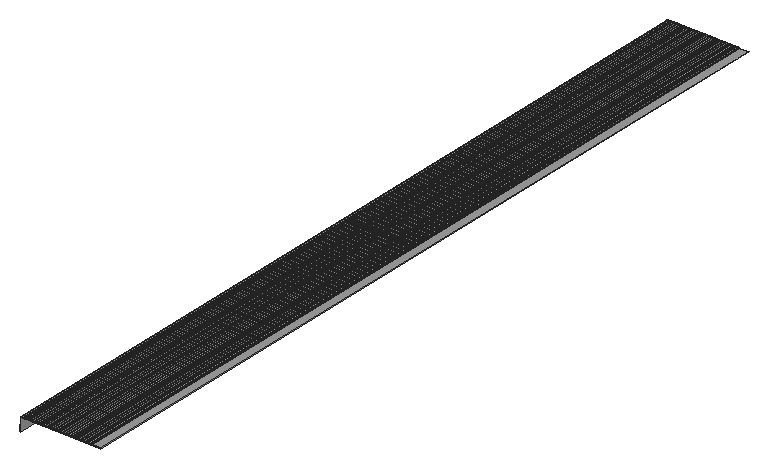
Revit family "111213010058734", category Modelos genéricos, Revit 2018
Family settings
  Puede alojar armadura = No
  Cota de conector redondo = Diámetro de uso
  Tipo de pieza = Normal
  Se basa en plano de trabajo = No
  Siempre vertical = No
  Corte con vacíos al cargar = No
  Compartido = No
  Punto de cálculo de habitación = No
Parameters (values of type "GRADA NEO PVC 300X50MM GRIS TIRA 3.00")
  Ventajas = "Autoextinguible"
  Uso = "Fabricado en PVC, ideal para zonas de medio y alto trafico, con estrías\r\nantideslizantes. Ideal para: Edificios Públicos y Privados, Colegios, Universidades, Centros\r\ncomerciales, Aeropuertos, Hoteles, Edificios Habitacionales, entre otros."
  Unidad = "Tiras de 1.20 Mts y 3.00 Mts."
  URL = "https://www.empresascnp.cl/"
  Num SKUs = "111213010058734"
  Nombre SKU = "GRADA NEO PVC 300X50MM GRIS TIRA 3MT"
  Modelo = "GRADA NEO PVC 300X50MM"
  Material = PVC flexible gris
  Url Ficha tecnica = "https://empresascnp.cl/wp-content/uploads//pdf/ficha-tecnica-grada-neo-pvc-300x50mm-gris-tira-1-2mt.pdf"
  Largo = 3000.00 mm
  Espesor = 2.00 mm
  Empresa = "CNP SPA."
  Dureza = "80 shore A"
  Dimension = 300.00 mm
  Descripción = "Grada Neo 300x50 MM."
  Contacto = "info@empresascnp.cl"
  Color = "GRIS"
  Aplicacion = "Escaleras"
  Alto = 50.00 mm
Reference planes
  plane 1 "Center F/B": y = 0
  plane 2: z = 0
  plane 3 "Center L/R": x = 0
  plane 4: z = -50
  plane 5 "2": y = 1500
  plane 6 "3": y = -1500
  plane 7: x = 300
  plane 8: z = -2
  plane 9 "4": x = 2
Forms (mm)
  Extrusion 1, solid, material "PVC flexible gris" <- "Material"
    sketch origin (0, 0, 0) x (1, 0, 0) y (0, 0, 1)
      loop
        line (300, 0) -> (270, 0) -> (270, -0.79) -> (266, -0.79) -> (266, 0) -> (264, 0) -> (264, -0.79) -> (263, -0.79) -> (263, 0) -> (261, 0) -> (261, -0.79) -> (260, -0.79) -> (260, 0) -> (258, 0) -> (258, -0.79) -> (257, -0.79) -> (257, 0) -> (255, 0) -> (255, -0.79) -> (251, -0.79) -> (251, 0) -> (249, 0) -> (249, -0.79) -> (248, -0.79) -> (248, 0) -> (246, 0) -> (246, -0.79) -> (245, -0.79) -> (245, 0) -> (243, 0) -> (243, -0.79) -> (242, -0.79) -> (242, 0) -> (240, 0) -> (240, -0.79) -> (236, -0.79) -> (236, 0) -> (234, 0) -> (234, -0.79) -> (233, -0.79) -> (233, 0) -> (231, 0) -> (231, -0.79) -> (230, -0.79) -> (230, 0) -> (228, 0) -> (228, -0.79) -> (227, -0.79) -> (227, 0) -> (225, 0) -> (225, -0.79) -> (221, -0.79) -> (221, 0) -> (219, 0) -> (219, -0.79) -> (218, -0.79) -> (218, 0) -> (216, 0) -> (216, -0.79) -> (215, -0.79) -> (215, 0) -> (213, 0) -> (213, -0.79) -> (212, -0.79) -> (212, 0) -> (210, 0) -> (210, -0.79) -> (206, -0.79) -> (206, 0) -> (204, 0) -> (204, -0.79) -> (203, -0.79) -> (203, 0) -> (201, 0) -> (201, -0.79) -> (200, -0.79) -> (200, 0) -> (198, 0) -> (198, -0.79) -> (197, -0.79) -> (197, 0) -> (195, 0) -> (195, -0.79) -> (191, -0.79) -> (191, 0) -> (189, 0) -> (189, -0.79) -> (188, -0.79) -> (188, 0) -> (186, 0) -> (186, -0.79) -> (185, -0.79) -> (185, 0) -> (183, 0) -> (183, -0.79) -> (182, -0.79) -> (182, 0) -> (180, 0) -> (180, -0.79) -> (176, -0.79) -> (176, 0) -> (174, 0) -> (174, -0.79) -> (173, -0.79) -> (173, 0) -> (171, 0) -> (171, -0.79) -> (170, -0.79) -> (170, 0) -> (168, 0) -> (168, -0.79) -> (167, -0.79) -> (167, 0) -> (165, 0) -> (165, -0.79) -> (161, -0.79) -> (161, 0) -> (159, 0) -> (159, -0.79) -> (158, -0.79) -> (158, 0) -> (156, 0) -> (156, -0.79) -> (155, -0.79) -> (155, 0) -> (153, 0) -> (153, -0.79) -> (152, -0.79) -> (152, 0) -> (150, 0) -> (150, -0.79) -> (146, -0.79) -> (146, 0) -> (144, 0) -> (144, -0.79) -> (143, -0.79) -> (143, 0) -> (141, 0) -> (141, -0.79) -> (140, -0.79) -> (140, 0) -> (138, 0) -> (138, -0.79) -> (137, -0.79) -> (137, 0) -> (135, 0) -> (135, -0.79) -> (131, -0.79) -> (131, 0) -> (129, 0) -> (129, -0.79) -> (128, -0.79) -> (128, 0) -> (126, 0) -> (126, -0.79) -> (125, -0.79) -> (125, 0) -> (123, 0) -> (123, -0.79) -> (122, -0.79) -> (122, 0) -> (120, 0) -> (120, -0.79) -> (116, -0.79) -> (116, 0) -> (114, 0) -> (114, -0.79) -> (113, -0.79) -> (113, 0) -> (111, 0) -> (111, -0.79) -> (110, -0.79) -> (110, 0) -> (108, 0) -> (108, -0.79) -> (107, -0.79) -> (107, 0) -> (105, 0) -> (105, -0.79) -> (101, -0.79) -> (101, 0) -> (99, 0) -> (99, -0.79) -> (98, -0.79) -> (98, 0) -> (96, 0) -> (96, -0.79) -> (95, -0.79) -> (95, 0) -> (93, 0) -> (93, -0.79) -> (92, -0.79) -> (92, 0) -> (90, 0) -> (90, -0.79) -> (86, -0.79) -> (86, 0) -> (84, 0) -> (84, -0.79) -> (83, -0.79) -> (83, 0) -> (81, 0) -> (81, -0.79) -> (80, -0.79) -> (80, 0) -> (78, 0) -> (78, -0.79) -> (77, -0.79) -> (77, 0) -> (75, 0) -> (75, -0.79) -> (71, -0.79) -> (71, 0) -> (69, 0) -> (69, -0.79) -> (68, -0.79) -> (68, 0) -> (66, 0) -> (66, -0.79) -> (65, -0.79) -> (65, 0) -> (63, 0) -> (63, -0.79) -> (62, -0.79) -> (62, 0) -> (60, 0) -> (60, -0.79) -> (56, -0.79) -> (56, 0) -> (54, 0) -> (54, -0.79) -> (53, -0.79) -> (53, 0) -> (51, 0) -> (51, -0.79) -> (50, -0.79) -> (50, 0) -> (48, 0) -> (48, -0.79) -> (47, -0.79) -> (47, 0) -> (45, 0) -> (45, -0.79) -> (41, -0.79) -> (41, 0) -> (39, 0) -> (39, -0.79) -> (38, -0.79) -> (38, 0) -> (36, 0) -> (36, -0.79) -> (35, -0.79) -> (35, 0) -> (33, 0) -> (33, -0.79) -> (32, -0.79) -> (32, 0) -> (30, 0) -> (30, -0.79) -> (26, -0.79) -> (26, 0) -> (24, 0) -> (24, -0.79) -> (23, -0.79) -> (23, 0) -> (21, 0) -> (21, -0.79) -> (20, -0.79) -> (20, 0) -> (18, 0) -> (18, -0.79) -> (17, -0.79) -> (17, 0) -> (15, 0) -> (15, -0.79) -> (11, -0.79) -> (11, 0) -> (3, 0)
        arc (3, 0) -> (0.879, -0.879) -> (0, -3) r 3
        line (0, -3) -> (0, -50) -> (2, -50) -> (2, -3)
        arc (2, -3) -> (2.293, -2.293) -> (3, -2) r 1
        line (3, -2) -> (300, -2) -> (300, 0)
    from -1500 to 1500
Dimensions and locks
  "Alto": level to plane 4
  equal spacing: plane 6 "3", plane 1 "Center F/B", plane 5 "2"
  "Largo": plane 6 "3" to plane 5 "2"
  "Dimension": plane 7 to plane 3 "Center L/R"
  "Espesor": plane 2 to Extrusion 1 sketch curve
  "Espesor": Extrusion 1 sketch curve to plane 3 "Center L/R"
  aligned and locked: plane 6 "3" to Extrusion 1
  aligned and locked: Extrusion 1 to plane 5 "2"
  aligned and locked: Extrusion 1 sketch curve to plane 3 "Center L/R"
  aligned and locked: plane 2 to Extrusion 1 sketch curve
  aligned and locked: Extrusion 1 sketch curve to plane 7
  aligned and locked: plane 4 to Extrusion 1 sketch curve
Automatic sketch dimensions
  Extrusion 1 sketch curve to Extrusion 1 sketch curve = 0.00 mm  (x2)
  Extrusion 1 sketch curve to level = 0.00 mm  (x68)
  plane 9 "4" to Extrusion 1 sketch curve = 1.00 mm
  Extrusion 1 sketch curve to level = 0.79 mm  (x69)
  Extrusion 1 sketch curve to Extrusion 1 sketch curve = 8.00 mm
  Extrusion 1 sketch curve to Extrusion 1 sketch curve = 4.00 mm  (x18)
  Extrusion 1 sketch curve to Extrusion 1 sketch curve = 2.00 mm  (x68)
  Extrusion 1 sketch curve to Extrusion 1 sketch curve = 1.00 mm  (x51)
